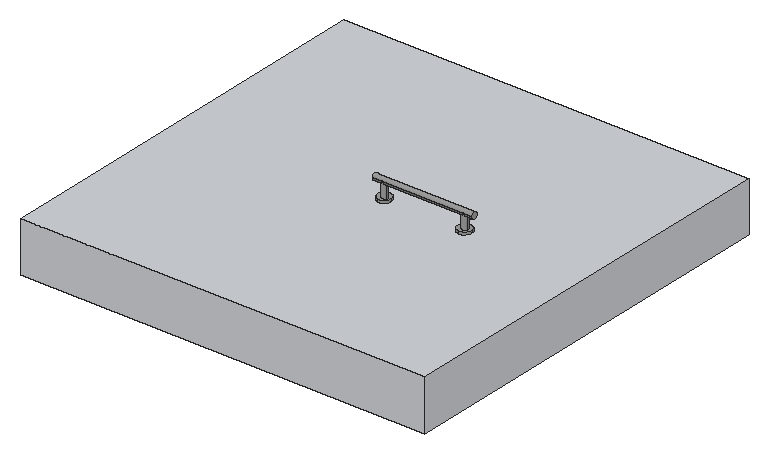
Revit family "ASH_Contour21_S6484_BIM_GB", category Plumbing Fixtures, host Face, Revit 2012
Parameters (values of type "S6484AA")
  WaterEfficientProduct = no
  WarrantyStartDate = "n/a"
  WarrantyGuarantorParts = Company  # "Ideal Standard International Ltd"
  WarrantyDurationUnit = "Years"
  WarrantyDurationParts = "5"
  WarrantyDescription = "Manufacturers Warranty"
  WRAS = no
  VolumeUnits = "Litres"
  Version = "1"
  Uniclass2 = ""
  URL = "www.idealspec.co.uk"
  Type Comments = "n/a"
  TagNumber = "n/a"
  SustainabilityPerformance = "n/a"
  StandardsConformance = "DDA, Doc-M"
  SpareParts = "www.fastpart-spares.co.uk"
  Space = "Internal"
  Size = "mm x mm x mm"
  Shape = "Tubular"
  SerialNumber = "n/a"
  SendEnquiry = "http://www.idealspec.co.uk/contact-us.html"
  SalesInformation = "http://www.idealspec.co.uk/contact-us.html"
  ProductInformation = "http://www.idealspec.co.uk/assets/datasheet/S6484AA"
  ProductDataSheet = "http://www.idealspec.co.uk/assets/datasheet/S6484AA"
  PredefinedType = "grabrail"
  Phone = "01543 490 253"
  PartNumber = Model  # "S6484AA"
  NominalWidth = 84 mm
  NominalHeight = 117.5 mm
  NettWeight = "2Kg"
  Name = "GRABRAIL_ArmitageShanks-Contour21-Contemporary-60cm_S6484"
  NBSTypeID = "n/a"
  NBSReference = "436"
  NBSOfficeMasterTag = "n/a"
  NBSNote = "n/a"
  NBSDescription = ""
  NBSCertification = ""
  ModelReference = Model  # "S6484AA"
  ModelNumber = "S6484AA"
  Material = "Stainless Steel"
  ManufacturerURL = "www.idealspec.co.uk"
  MaintenanceInformation = "Productinfo@thebluebook.co.uk"
  LinearUnits = "mm"
  InstallationInstructions = "http://www.idealspec.co.uk/resources.html"
  InstallationDate = "n/a"
  Help = "http://www.idealspec.co.uk/contact-us.html"
  GrossWeight = "n/a"
  Grade = "n/a"
  FlangeCentres = 485 mm
  Model = "S6484AA"
  Manufacturer = Company  # "Ideal Standard International Ltd"
  Finish = "Chrome"
  Features = "Contemporary grab rail straight 60cm long"
  ExpectedLife = "30"
  Email = "Productinfo@thebluebook.co.uk"
  ElementType = "GRAB RAIL: Safety device to aid maintaining balance, lessen fatigue and assist in supporting weight whilst maneuvering the body"
  ECA = no
  DurationUnit = "Years"
  DistributedBy = "n/a"
  Description = "Contour 21 Contemporary grab rail straight 60cm long"
  Default Elevation = 1219.2 mm
  CurrentRevision = "1"
  CurrencyUnit = "n/a"
  CreatedOn = "2014-11-24"
  CreatedBy = Company  # "Ideal Standard International Ltd"
  Constituents = "n/a"
  ConnectionType = "Mechanical"
  ComponentNames = "n/a"
  Company = "Ideal Standard International Ltd"
  Colour = Chrome
  CodePerformance = "n/a"
  Category = "Furniture_GRABRAIL_UK"
  Brand = "Armitage Shanks"
  BarCode = "5017830387305"
  BREEAM Approved = no
  BIMObjectName = "GRABRAIL_ArmitageShanks-Contour21-Contemporary-60cm_S6484"
  Author = "Ideal Standard"
  AssetType = "Fixed"
  AssetIdentifier = "n/a"
  Assembly Code = "C1030200"
  AreaUnits = "mm"
  AreaMeasurement = "n/a"
  Accessories = "www.idealspec.co.uk"
  AccessibilityPerformance = "DDA Compliant"
Types (2, lengths in mm): name | ProductInformation | ProductDataSheet | PartNumber | ModelReference | ModelNumber | Model | Finish | Colour | BarCode
  S6484MY | "http://www.idealspec.co.uk/assets/datasheet/S6484MY" | "http://www.idealspec.co.uk/assets/datasheet/S6484MY" | "S6484MY" | "S6484MY" | "S6484MY" | "S6484MY" | "Stainless Steel MY" | Stainless Steel MY | "5017830387336"
  S6484AA | "http://www.idealspec.co.uk/assets/datasheet/S6484AA" | "http://www.idealspec.co.uk/assets/datasheet/S6484AA" | "S6484AA" | "S6484AA" | "S6484AA" | "S6484AA" | "Chrome" | Chrome | "5017830387305"
Reference planes
  plane 1 "Center (Front/Back)": y = 0
  plane 2: z = 0
  plane 3 "Center (Left/Right)": x = 0
  plane 4: x = 485
  plane 5: x = 242.5
  plane 6: z = 117.5
  plane 7: y = 42
  plane 8: y = -42
  plane 9: x = -57.5
Forms (mm)
  Extrusion 1, solid
    sketch origin (0, 0, 0) x (1, 0, 0) y (0, 1, 0)
      loop
        line (-1219.2, 1219.2) -> (-1219.2, -1219.2) -> (1219.2, -1219.2) -> (1219.2, 1219.2) -> (-1219.2, 1219.2)
    from 0 to -304.8
  Extrusion 2, solid, material "Chrome" <- "Colour", detail levels medium+fine
    sketch origin (0, 0, 0) x (1, 0, 0) y (0, 1, 0)
      loop
        circle (0, 0) r 42
    from 0 to 11
  Extrusion 3, solid, material "Chrome" <- "Colour", detail levels medium+fine
    sketch origin (600, 0, 0) x (-1, 0, 0) y (0, -1, 0)
      loop
        circle (115, 0) r 42
    from 0 to 11
  Extrusion 4, solid, material "Stainless Steel MY"
    sketch origin (0, 0, 0) x (1, 0, 0) y (0, 1, 0)
      loop
        circle (0, 0) r 17.5
      loop
        circle (485, 0) r 17.5
    from 0 to 100
  Extrusion 5, solid, material "Stainless Steel MY"
    sketch origin (-57.5, 309.556, 1219.2) x (0, 1, 0) y (0, 0, 1)
      loop
        circle (-309.556, -1119.2) r 17.5
    from 0 to 600
Dimensions and locks
  "FlangeCentres": plane 3 "Center (Left/Right)" to plane 4
  equal spacing: plane 3 "Center (Left/Right)", plane 5, plane 4
  "NominalHeight": plane 6 to Extrusion 1
  equal spacing: plane 7, plane 1 "Center (Front/Back)", plane 8, locked at 42 each
  "NominalWidth": plane 7 to plane 8
  plane 9 to plane 5 = 300 mm
  aligned and locked: plane 2 to Extrusion 1
  aligned and locked: level to Extrusion 1
Automatic sketch dimensions
  Extrusion 1 sketch curve to Extrusion 1 sketch curve = 2438.4 mm  (x2)
  plane 1 "Center (Front/Back)" to Extrusion 2 sketch curve = 0 mm
  Extrusion 2 sketch curve to plane 3 "Center (Left/Right)" = 0 mm
  plane 1 "Center (Front/Back)" to Extrusion 3 sketch curve = 0 mm
  Extrusion 3 sketch curve to plane 4 = 0 mm
  plane 1 "Center (Front/Back)" to Extrusion 4 sketch curve = 0 mm  (x2)
  Extrusion 4 sketch curve to plane 3 "Center (Left/Right)" = 0 mm
  Extrusion 4 sketch curve to plane 4 = 0 mm
  Extrusion 5 sketch curve to plane 1 "Center (Front/Back)" = 0 mm
  Extrusion 5 sketch curve to plane 6 = 17.5 mm
  radius of Extrusion 2 sketch curve = 42 mm
  radius of Extrusion 3 sketch curve = 42 mm
  radius of Extrusion 4 sketch curve = 17.5 mm  (x2)
  radius of Extrusion 5 sketch curve = 17.5 mm
